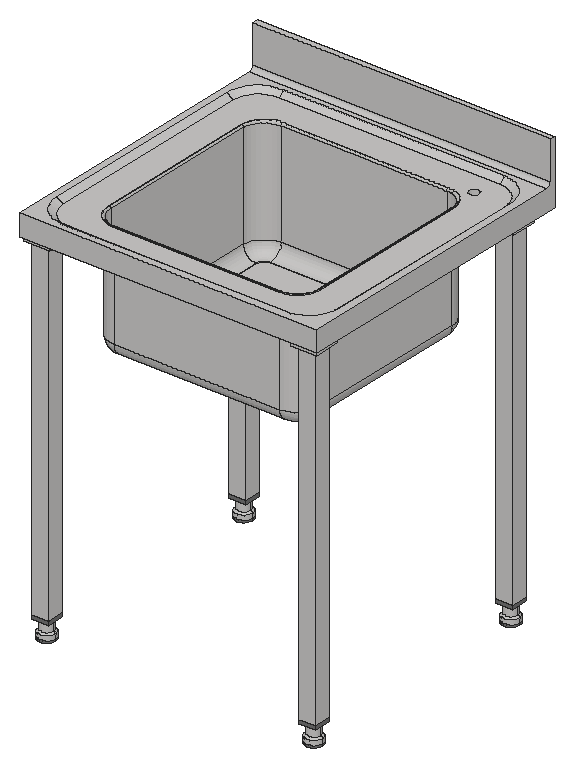
Revit family "QF_ZANUSSI_132803_LG716PN", category Attrezzature speciali, Revit 2020
Family settings
  Quota connettore circolare = Usa diametro
  Tipo di parte = Normale
  Basato su piano di lavoro = No
  Sempre verticale = Sì
  Taglio con vuoti quando caricato = No
  Condiviso = No
  Punto di calcolo locali = No
Parameters (values of type "Standard")
  Weight = 20.00 kg
  Watts = 0 W
  Volts = 0 V
  URL Manufacturer = "http://www.zanussiprofessional.com"
  URL = "http://www.zanussiprofessional.com"
  Steam Supply Size = 0 mm
  Steam Supply Minimum Pressure = 0.0 Pa
  Steam Supply Maximum Pressure = 0.0 Pa
  Steam Consumption per Hour = 0
  Refrigeration Suction Line Size = 0.0 mm
  Refrigeration Liquid Line Size = 0.0 mm
  Refrigerant Compressor Remote = yes
  Prospetto di default = 0.0 mm
  Phase = 0
  Modello = "LG716PN"
  Produttore = "Zanussi"
  Length Actual = 700.0 mm  # constant formula
  Item Number = "132803"
  Hot Water Size = 0 mm
  Height Actual = 1000.0 mm  # constant formula
  HP = "0 HP"
  Gas Size = 0 mm
  Gas KW = 0
  Gas Input Pressure = 0 W
  Direct Waste Size = 50.8 mm
  Descrizione = "SINK UNIT 1 BOWL 700 MM"
  Depth Actual = 700.0 mm  # constant formula
  Cycle = 0 Hz
  Condensate Return Size = 0 mm
  Compressed Air Volume = 0.0 L/s
  Compressed Air Size = 0 mm
  Compressed Air Pressure = 0.0 Pa
  Cold Water Size = 0 mm
  Accessory = yes
Reference planes
  plane 1 "Center (Front/Back)": y = 0
  plane 2: z = 0
  plane 3 "Center (Left/Right)": x = 150
  plane 4 "LEFT": x = -200
  plane 5 "RIGHT": x = 500
  plane 6 "BACK": y = 350
  plane 7 "FRONT": y = -350
  plane 8 "Base": z = 850
  plane 9 "TOP": z = 900
  plane 10 "Sink_Base": z = 608
  plane 11 "ScaricoX": x = 320
  plane 12 "ScaricoY": y = 151
  plane 13: z = 441
  plane 14: x = 395
  plane 15: y = 245
Forms (mm)
  Extrusion 1, solid, material "QF_Finishes_Stainless Steel"
    sketch origin (150, 0, 0) x (0, 1, 0) y (0, 0, 1)
      loop
        line (-350, 850) -> (350, 850) -> (350, 1000) -> (337, 1000) -> (337, 910)
        arc (337, 910) -> (334.071, 902.929) -> (327, 900) r 10
        line (327, 900) -> (-350, 900) -> (-350, 850)
    from 350 to -350
  Extrusion 2, void
    sketch origin (0, 0, 900) x (0, 1, 0) y (-1, 0, 0)
      loop
        arc (-214, 100) -> (-252.891, 83.891) -> (-269, 45) r 55
        line (-269, 45) -> (-269, -345)
        arc (-269, -345) -> (-252.874, -383.908) -> (-213.951, -400) r 55
        line (-213.951, -400) -> (176.049, -400)
        arc (176.049, -400) -> (214.908, -383.874) -> (231, -345) r 55
        line (231, -345) -> (231, 45)
        arc (231, 45) -> (214.891, 83.891) -> (176, 100) r 55
        line (176, 100) -> (-214, 100)
    from 0 to -50
  Sweep 3, solid, material "QF_Finishes_Stainless Steel"
    path origin (0, 0, 900) x (0, 1, 0) y (-1, 0, 0)
      loop
        line (176, 100) -> (-214, 100)
        arc (-214, 100) -> (-252.891, 83.891) -> (-269, 45) r 55
        line (-269, 45) -> (-269, -345)
        arc (-269, -345) -> (-252.874, -383.908) -> (-213.951, -400) r 55
        line (-213.951, -400) -> (176.049, -400)
        arc (176.049, -400) -> (214.908, -383.874) -> (231, -345) r 55
        line (231, -345) -> (231, 45)
        arc (231, 45) -> (214.891, 83.891) -> (176, 100) r 55
    profile origin (-100, -19, 900) x (1, 0, 0) y (0, 0, 1)
      loop
        arc (5, -15) -> (3.536, -11.464) -> (0, -10) r 5
        line (0, -10) -> (0, -11.5)
        arc (0, -11.5) -> (2.475, -12.525) -> (3.5, -15) r 3.5
        line (3.5, -15) -> (3.5, -260.5)
        arc (3.5, -260.5) -> (12.726, -282.774) -> (35, -292) r 31.5
        line (35, -292) -> (35, -290.5)
        arc (35, -290.5) -> (13.787, -281.713) -> (5, -260.5) r 30
        line (5, -260.5) -> (5, -15)
  Extrusion 4, solid, material "QF_Finishes_Stainless Steel"
    sketch origin (0, 0, 608) x (0, -1, 0) y (1, 0, 0)
      loop
        arc (-196, -45) -> (-190.142, -59.142) -> (-176, -65) r 20
        line (-176, -65) -> (214, -65)
        arc (214, -65) -> (228.142, -59.142) -> (234, -45) r 20
        line (234, -45) -> (234, 345)
        arc (234, 345) -> (228.132, 359.153) -> (213.97, 365) r 20
        line (213.97, 365) -> (-176.03, 365)
        arc (-176.03, 365) -> (-190.153, 359.132) -> (-196, 345) r 20
        line (-196, 345) -> (-196, -45)
    from 0 to 1.5
  Extrusion 5, void
    sketch origin (0, 0, 608) x (0, -1, 0) y (1, 0, 0)
      loop
        circle (-151, 320) r 28
    from 32.343 to -63.145
  Revolve 6, solid, material "QF_Finishes_White"
    sketch origin (320, 0, 0) x (0, -1, 0) y (0, 0, 1)
      loop
        line (-167.5, 592.617) -> (-167.5, 578.5) -> (-166, 578.5) -> (-166, 593.449) -> (-177.558, 600.671) -> (-177.558, 608) -> (-179.058, 608) -> (-179.058, 599.84) -> (-167.5, 592.617)
      axis (-151, 608) -> (-151, 578.5)
    angle from 0 to 360
  Extrusion 7, void
    sketch origin (0, 0, 608) x (0, -1, 0) y (1, 0, 0)
      loop
        circle (-245, 395) r 11.5
    from 242 to 292
  Blend 8, void
    base sketch origin (0, 0, 608) x (0, -1, 0) y (1, 0, 0)
      loop
        arc (-314.887, -109.887) -> (-292.92, -162.92) -> (-239.887, -184.887) r 75
        line (-239.887, -184.887) -> (259.887, -184.887)
        arc (259.887, -184.887) -> (312.92, -162.92) -> (334.887, -109.887) r 75
        line (334.887, -109.887) -> (334.887, 409.887)
        arc (334.887, 409.887) -> (312.92, 462.92) -> (259.887, 484.887) r 75
        line (259.887, 484.887) -> (-239.887, 484.887)
        arc (-239.887, 484.887) -> (-292.92, 462.92) -> (-314.887, 409.887) r 75
        line (-314.887, 409.887) -> (-314.887, -109.887)
    top sketch origin (0, 0, 900) x (0, 1, 0) y (-1, 0, 0)
      loop
        arc (299.887, 109.887) -> (282.313, 152.313) -> (239.887, 169.887) r 60
        line (239.887, 169.887) -> (-259.887, 169.887)
        arc (-259.887, 169.887) -> (-302.313, 152.313) -> (-319.887, 109.887) r 60
        line (-319.887, 109.887) -> (-319.887, -409.887)
        arc (-319.887, -409.887) -> (-302.313, -452.313) -> (-259.887, -469.887) r 60
        line (-259.887, -469.887) -> (239.887, -469.887)
        arc (239.887, -469.887) -> (282.313, -452.313) -> (299.887, -409.887) r 60
        line (299.887, -409.887) -> (299.887, 109.887)
    from 292 to -10
Cuts and joins
  Extrusion 2, Extrusion 7, Blend 8 cuts Extrusion 1
  Extrusion 5, Blend 8 cuts Extrusion 4
  Blend 8 cuts Sweep 3
  Blend 8 cuts Revolve 6
Lines and regions (mm)
  symbolic lines
    curve 1: line (500, 350, 900) -> (-200, 350, 900)
    curve 2: line (-200, 350, 900) -> (-200, -350, 900)
    curve 3: line (-200, -350, 900) -> (500, -350, 900)
    curve 4: line (500, -350, 900) -> (500, 350, 900)
    curve 5: line (500, 337, 900) -> (-200, 337, 900)
    curve 6: arc (-109.887, 314.887, 608) -> (-162.92, 292.92, 608) -> (-184.887, 239.887, 608) r 75
    curve 7: line (-109.887, 314.887, 608) -> (409.887, 314.887, 608)
    curve 8: arc (484.887, 239.887, 608) -> (462.92, 292.92, 608) -> (409.887, 314.887, 608) r 75
    curve 9: line (-184.887, -259.887, 608) -> (-184.887, 239.887, 608)
    curve 10: arc (-184.887, -259.887, 608) -> (-162.92, -312.92, 608) -> (-109.887, -334.887, 608) r 75
    curve 11: line (409.887, -334.887, 608) -> (-109.887, -334.887, 608)
    curve 12: arc (409.887, -334.887, 608) -> (462.92, -312.92, 608) -> (484.887, -259.887, 608) r 75
    curve 13: line (484.887, 239.887, 608) -> (484.887, -259.887, 608)
    curve 14: arc (-45, 231, 608) -> (-83.891, 214.891, 608) -> (-100, 176, 608) r 55
    curve 15: line (-45, 231, 608) -> (345, 231, 608)
    curve 16: line (-100, -214, 608) -> (-100, 176, 608)
    curve 17: arc (-100, -214, 608) -> (-83.891, -252.891, 608) -> (-45, -269, 608) r 55
    curve 18: line (345, -269, 608) -> (-45, -269, 608)
    curve 19: arc (345, -269, 608) -> (383.908, -252.874, 608) -> (400, -213.951, 608) r 55
    curve 20: line (400, 176.049, 608) -> (400, -213.951, 608)
    curve 21: arc (400, 176.049, 608) -> (383.874, 214.908, 608) -> (345, 231, 608) r 55
    curve 22: line (365, 176.03, 608) -> (365, -213.97, 608)
    curve 23: arc (365, 176.03, 608) -> (359.132, 190.153, 608) -> (345, 196, 608) r 20
    curve 24: line (-45, 196, 608) -> (345, 196, 608)
    curve 25: arc (-45, 196, 608) -> (-59.142, 190.142, 608) -> (-65, 176, 608) r 20
    curve 26: line (-65, -214, 608) -> (-65, 176, 608)
    curve 27: arc (-65, -214, 608) -> (-59.142, -228.142, 608) -> (-45, -234, 608) r 20
    curve 28: line (345, -234, 608) -> (-45, -234, 608)
    curve 29: arc (345, -234, 608) -> (359.153, -228.132, 608) -> (365, -213.97, 608) r 20
    curve 30: circle (320, 151, 608) r 15 normal (0, 0, 1)
    curve 31: circle (320, 151, 608) r 26.558 normal (0, 0, -1)
    curve 32: circle (395, 245, 608) r 11.5 normal (0, 0, 1)
    curve 33: arc (-109.887, 299.887, 900) -> (-152.313, 282.313, 900) -> (-169.887, 239.887, 900) r 60
    curve 34: line (409.887, 299.887, 900) -> (-109.887, 299.887, 900)
    curve 35: arc (469.887, 239.887, 900) -> (452.313, 282.313, 900) -> (409.887, 299.887, 900) r 60
    curve 36: line (469.887, -259.887, 900) -> (469.887, 239.887, 900)
    curve 37: arc (409.887, -319.887, 900) -> (452.313, -302.313, 900) -> (469.887, -259.887, 900) r 60
    curve 38: line (-109.887, -319.887, 900) -> (409.887, -319.887, 900)
    curve 39: arc (-169.887, -259.887, 900) -> (-152.313, -302.313, 900) -> (-109.887, -319.887, 900) r 60
    curve 40: line (-169.887, 239.887, 900) -> (-169.887, -259.887, 900)
Dimensions and locks
  plane 4 "LEFT" to plane 5 "RIGHT" = 700.0 mm
  equal spacing: plane 4 "LEFT", plane 3 "Center (Left/Right)", plane 5 "RIGHT"
  locked: plane 8 "Base" to level at 850
  locked: Extrusion 1 to level at 1000
  plane 9 "TOP" to level = 900.0 mm
  plane 6 "BACK" to plane 7 "FRONT" = 700.0 mm
  equal spacing: plane 6 "BACK", plane 1 "Center (Front/Back)", plane 7 "FRONT"
  plane 10 "Sink_Base" to level = 608.0 mm
  locked: plane 6 "BACK" to plane 12 "ScaricoY" at 199
  locked: plane 11 "ScaricoX" to plane 5 "RIGHT" at 180
  plane 13 to level = 441.0 mm
  locked: plane 6 "BACK" to plane 15 at 105
  plane 14 to plane 5 "RIGHT" = 105.0 mm
  aligned and locked: level to plane 2
  aligned and locked: Extrusion 1 to plane 4 "LEFT"
  aligned and locked: plane 5 "RIGHT" to Extrusion 1
  aligned and locked: curve 2 to plane 4 "LEFT"
Automatic sketch dimensions
  Extrusion 1 sketch curve to plane 7 "FRONT" = 0.0 mm
  Extrusion 1 sketch curve to plane 9 "TOP" = 0.0 mm
  Extrusion 1 sketch curve to plane 6 "BACK" = 0.0 mm
  Extrusion 1 sketch curve to plane 8 "Base" = 0.0 mm
  plane 9 "TOP" to Extrusion 1 sketch curve = 10.0 mm
  Extrusion 1 sketch curve to plane 6 "BACK" = 13.0 mm
  Extrusion 1 sketch curve to Extrusion 1 sketch curve = 90.0 mm
  curve 3 to plane 7 "FRONT" = 0.0 mm
  curve 5 to plane 5 "RIGHT" = 0.0 mm
  curve 4 to plane 6 "BACK" = 0.0 mm
  curve 5 to plane 6 "BACK" = 13.0 mm
  Extrusion 2 sketch curve to Extrusion 2 sketch curve = 55.0 mm  (x4)
  Extrusion 2 sketch curve to Extrusion 2 sketch curve = 0.0 mm  (x5)
  Sweep 3 sketch curve to Sweep 3 sketch curve = 55.0 mm  (x3)
  Sweep 3 sketch curve to Sweep 3 sketch curve = 0.049 mm  (x2)
  Sweep 3 sketch curve to Sweep 3 sketch curve = 0.0 mm  (x4)
  profile plane to Sweep 3 sketch curve = 0.0 mm
  Sweep 3 sketch curve to profile plane = 3.5 mm
  Sweep 3 sketch curve to Sweep 3 sketch curve = 1.5 mm
  Sweep 3 sketch curve to Sweep 3 sketch curve = 30.0 mm
  Sweep 3 sketch curve to plane 9 "TOP" = 260.5 mm
  Sweep 3 sketch curve to plane 9 "TOP" = 15.0 mm
  Extrusion 4 sketch curve to Extrusion 4 sketch curve = 19.97 mm
  Extrusion 4 sketch curve to Extrusion 4 sketch curve = 20.0 mm  (x4)
  Extrusion 4 sketch curve to Extrusion 4 sketch curve = 0.03 mm  (x2)
  Extrusion 4 sketch curve to Extrusion 4 sketch curve = 0.0 mm  (x2)
  Extrusion 5 sketch curve to plane 11 "ScaricoX" = 0.0 mm
  Extrusion 5 sketch curve to plane 12 "ScaricoY" = 0.0 mm
  Revolve 6 sketch curve to plane 12 "ScaricoY" = 0.0 mm
  plane 12 "ScaricoY" to Revolve 6 sketch curve = 15.0 mm
  Revolve 6 sketch curve to Revolve 6 sketch curve = 1.5 mm  (x2)
  plane 10 "Sink_Base" to Revolve 6 sketch curve = 7.329 mm
  Revolve 6 sketch curve to Revolve 6 sketch curve = 10.058 mm
  plane 10 "Sink_Base" to Revolve 6 sketch curve = 8.16 mm
  Revolve 6 sketch curve to Revolve 6 sketch curve = 7.222 mm
  Revolve 6 sketch curve to Revolve 6 sketch curve = 0.831 mm
  Revolve 6 sketch curve to Revolve 6 sketch curve = 14.117 mm
  Revolve 6 sketch curve to Revolve 6 sketch curve = 24.0 mm
  Revolve 6 sketch curve to plane 10 "Sink_Base" = 0.0 mm
  Revolve 6 sketch curve to plane 10 "Sink_Base" = 26.5 mm
  Extrusion 7 sketch curve to plane 14 = 0.0 mm
  Extrusion 7 sketch curve to plane 15 = 0.0 mm
  curve 14 to curve 25 = 0.0 mm  (x3)
  curve 17 to curve 27 = 0.0 mm  (x3)
  curve 19 to curve 29 = 0.0 mm  (x2)
  curve 21 to curve 23 = 0.0 mm  (x2)
  curve 30 to curve 31 = 0.0 mm  (x2)
  curve 32 to plane 14 = 0.0 mm
  curve 32 to plane 15 = 0.0 mm
  curve 31 to plane 11 "ScaricoX" = 0.0 mm
  curve 31 to plane 12 "ScaricoY" = 0.0 mm
  plane 14 to curve 7 = 14.887 mm
  curve 7 to plane 6 "BACK" = 35.113 mm
  curve 8 to plane 15 = 5.113 mm
  curve 6 to plane 15 = 5.113 mm
  curve 15 to plane 15 = 14.0 mm
  curve 14 to curve 24 = 35.0 mm
  plane 14 to curve 20 = 5.0 mm
  plane 12 "ScaricoY" to curve 20 = 25.049 mm
  plane 12 "ScaricoY" to curve 22 = 25.03 mm
  curve 24 to curve 14 = 20.0 mm
  curve 22 to curve 21 = 0.03 mm
  curve 22 to plane 14 = 30.0 mm
  curve 20 to curve 22 = 0.019 mm
  curve 29 to curve 29 = 0.03 mm
  curve 17 to curve 10 = 45.887 mm
  plane 14 to curve 11 = 14.887 mm
  curve 23 to curve 22 = 20.0 mm
  curve 21 to plane 11 "ScaricoX" = 25.0 mm
  curve 15 to curve 21 = 0.0 mm
  curve 23 to curve 21 = 0.0 mm
  curve 24 to curve 23 = 0.0 mm
  Blend 8 sketch curve to plane 15 = 5.113 mm  (x4)
  plane 4 "LEFT" to Blend 8 sketch curve = 15.113 mm
  plane 14 to Blend 8 sketch curve = 14.887 mm  (x4)
  curve 33 to plane 15 = 5.113 mm
  plane 14 to curve 34 = 14.887 mm
  curve 35 to plane 15 = 5.113 mm
  plane 14 to curve 37 = 14.887 mm
  plane 7 "FRONT" to curve 38 = 30.113 mm
  curve 38 to curve 40 = 60.0 mm
  plane 7 "FRONT" to Extrusion 2 sketch curve = 136.049 mm
  plane 7 "FRONT" to Sweep 3 sketch curve = 136.049 mm
  plane 7 "FRONT" to Extrusion 4 sketch curve = 136.03 mm
  plane 7 "FRONT" to curve 20 = 136.049 mm
  curve 16 to curve 27 = 20.0 mm
  plane 7 "FRONT" to curve 13 = 90.113 mm
  plane 7 "FRONT" to Blend 8 sketch curve = 90.113 mm  (x3)
  curve 38 to curve 37 = 60.0 mm
  plane 12 "ScaricoY" to Extrusion 2 sketch curve = 25.0 mm  (x2)
  plane 12 "ScaricoY" to Sweep 3 sketch curve = 25.0 mm  (x2)
  Sweep 3 sketch curve to plane 15 = 14.0 mm
  plane 12 "ScaricoY" to Extrusion 4 sketch curve = 25.0 mm
  plane 4 "LEFT" to curve 34 = 90.113 mm
  plane 4 "LEFT" to Extrusion 2 sketch curve = 155.0 mm  (x2)
  plane 4 "LEFT" to Sweep 3 sketch curve = 155.0 mm
  plane 4 "LEFT" to Extrusion 4 sketch curve = 155.0 mm
  plane 4 "LEFT" to curve 27 = 155.0 mm
  curve 6 to curve 14 = 9.887 mm
  Blend 8 sketch curve to plane 6 "BACK" = 35.113 mm
  Blend 8 sketch curve to Blend 8 sketch curve = 75.0 mm
  plane 4 "LEFT" to Blend 8 sketch curve = 90.113 mm
  plane 7 "FRONT" to Extrusion 2 sketch curve = 136.0 mm
  Extrusion 2 sketch curve to plane 11 "ScaricoX" = 25.0 mm
  Sweep 3 sketch curve to plane 11 "ScaricoX" = 25.0 mm
  Extrusion 4 sketch curve to plane 11 "ScaricoX" = 25.0 mm
  plane 7 "FRONT" to Blend 8 sketch curve = 30.113 mm
  radius of Extrusion 5 sketch curve = 28.0 mm
  radius of Extrusion 7 sketch curve = 11.5 mm
  radius of curve 30 = 15.0 mm
  radius of curve 31 = 26.558 mm
  radius of curve 32 = 11.5 mm
Nested families
  nested 1: "TAV_W700" at (0, 0, 0), type "TAV_W700"
Connectors
  piping at (320, 151, 578.5), diameter 50.8, driven by "Direct Waste Size"
    settings: on Revolve 6, index 1, connector inside diameter 609.6 mm, connector length 0.0 mm, flow factor 0, pipe flow 0.0 L/s, pressure drop 0.0 Pa, fitting loss kfactor 0, connector angle 0.00°, fixture units 0, engagement length 0.0 mm, angle of deflection 0.00°, flow configuration 1, flow direction 2, fitting loss method 0, system type 16, joint type 0, gender type 0, connector reference index -1, connector utility 0, adjustable connector no, is connector primary yes, connector description "Drain"
Definition of nested family "TAV_W700"
  Parameters
    Default Elevation = 0.0 mm
    Model = "TAV_W700"
    Manufacturer = "Electrolux Professional"
    Description = ""
  Reference planes
    plane 1 "Center (Front/Back)": y = 0
    plane 2: z = 0
    plane 3 "Center (Left/Right)": x = 150
    plane 4 "LEFT": x = -200
    plane 5 "RIGHT": x = 500
    plane 6 "BACK": y = 350
    plane 7 "FRONT": y = -350
    plane 8 "Base": z = 850
    plane 9 "TOP": z = 900
    plane 10: x = -164.5
    plane 11: x = 464.5
    plane 12: y = 265.5
    plane 13: y = -314.5
    plane 14: x = -144.5
    plane 15: x = 444.5
    plane 16 "RIPIANO": z = 200
  Forms (mm)
    Extrusion 1, solid
      sketch origin (-4.534, 0, 850) x (0, 1, 0) y (-1, 0, 0)
        loop
          line (235.5, 179.966) -> (-284.5, 179.966) -> (-284.5, 139.966) -> (235.5, 139.966) -> (235.5, 179.966)
        loop
          line (-334.506, 129.966) -> (-334.506, -439.034) -> (-294.506, -439.034) -> (-294.506, 129.966) -> (-334.506, 129.966)
        loop
          line (-284.5, -489.034) -> (235.5, -489.034) -> (235.5, -449.034) -> (-284.5, -449.034) -> (-284.5, -489.034)
        loop
          line (285.5, 129.966) -> (245.5, 129.966) -> (245.5, -439.034) -> (285.5, -439.034) -> (285.5, 129.966)
      from 0 to -10
  Lines and regions (mm)
    symbolic lines, detail levels coarse
      curve 1: line (-200, 350, 200) -> (500, 350, 200)
      curve 2: line (-200, -350, 200) -> (-200, 350, 200)
      curve 3: line (500, -350, 200) -> (-200, -350, 200)
      curve 4: line (500, 350, 200) -> (500, -350, 200)
  Dimensions and locks
    plane 4 "LEFT" to plane 5 "RIGHT" = 700.0 mm
    equal spacing: plane 4 "LEFT", plane 3 "Center (Left/Right)", plane 5 "RIGHT"
    locked: plane 8 "Base" to level at 850
    plane 4 "LEFT" to plane 10 = 35.5 mm
    plane 11 to plane 5 "RIGHT" = 35.5 mm
    plane 10 to plane 11 = 629.0 mm
    plane 9 "TOP" to level = 900.0 mm
    plane 6 "BACK" to plane 12 = 84.5 mm
    plane 13 to plane 7 "FRONT" = 35.5 mm
    plane 6 "BACK" to plane 7 "FRONT" = 700.0 mm
    plane 12 to plane 13 = 580.0 mm
    equal spacing: plane 6 "BACK", plane 1 "Center (Front/Back)", plane 7 "FRONT"
    locked: plane 14 to plane 4 "LEFT" at 55.5
    locked: plane 5 "RIGHT" to plane 15 at 55.5
    plane 16 "RIPIANO" to level = 200.0 mm
    plane 2 to plane 16 "RIPIANO" to plane 8 "Base" = 200.0 mm, 650.0 mm
    aligned and locked: level to plane 2
    aligned and locked: plane 10 to nested 1
    aligned and locked: nested 1 to plane 13
    aligned and locked: plane 11 to nested 2
    aligned and locked: nested 2 to plane 13
    aligned and locked: plane 11 to nested 4
    aligned and locked: nested 4 to plane 12
    aligned and locked: plane 10 to nested 3
    aligned and locked: nested 3 to plane 12
  Automatic sketch dimensions
    plane 15 to Extrusion 1 sketch curve = 10.0 mm  (x2)
    plane 7 "FRONT" to Extrusion 1 sketch curve = 15.494 mm
    plane 13 to Extrusion 1 sketch curve = 19.994 mm
    Extrusion 1 sketch curve to plane 5 "RIGHT" = 15.5 mm
    plane 13 to Extrusion 1 sketch curve = 30.0 mm  (x2)
    Extrusion 1 sketch curve to plane 14 = 0.0 mm
    Extrusion 1 sketch curve to plane 12 = 30.0 mm  (x2)
    Extrusion 1 sketch curve to plane 12 = 20.0 mm
    plane 12 to Extrusion 1 sketch curve = 20.0 mm
    Extrusion 1 sketch curve to plane 15 = 0.0 mm
    Extrusion 1 sketch curve to plane 14 = 10.0 mm  (x2)
    Extrusion 1 sketch curve to plane 10 = 20.0 mm
    curve 3 to plane 4 "LEFT" = 0.0 mm
    curve 3 to plane 7 "FRONT" = 0.0 mm
    curve 2 to plane 6 "BACK" = 0.0 mm
    curve 1 to plane 5 "RIGHT" = 0.0 mm
  Nested families
    nested 1: "FEET_40x40_TAV" at (-164.5, -314.5, 0), type "FEET_40x40_TAV"
    nested 2: "FEET_40x40_TAV" at (464.5, -314.5, 0), type "FEET_40x40_TAV"
    nested 3: "FEET_40x40_TAV" at (-164.5, 265.5, 0), type "FEET_40x40_TAV"
    nested 4: "FEET_40x40_TAV" at (464.5, 265.5, 0), type "FEET_40x40_TAV"
  Definition of nested family "FEET_40x40_TAV"
    Parameters
      Default Elevation = 0.0 mm
      FEET = 850.0 mm
    Reference planes
      plane 1 "Center (Front/Back)": y = 0
      plane 2: z = 0
      plane 3 "Center (Left/Right)": x = 0
      plane 4: z = 850
    Forms (mm)
      Extrusion 1, solid
        sketch origin (0, 0, 0) x (1, 0, 0) y (0, 1, 0)
          loop
            line (-20, -20) -> (20, -20) -> (20, 20) -> (-20, 20) -> (-20, -20)
        from 50 to 840
      Extrusion 2, solid
        sketch origin (0, 0, 0) x (1, 0, 0) y (0, 1, 0)
          loop
            circle (0, 0) r 20
        from 0 to 5
      Extrusion 3, solid
        sketch origin (0, 0, 0) x (1, 0, 0) y (0, 1, 0)
          loop
            line (30, 30) -> (-30, 30) -> (-30, -30) -> (30, -30) -> (30, 30)
        from 840 to 850
      Extrusion 4, solid
        sketch origin (0, 0, 0) x (1, 0, 0) y (0, 1, 0)
          loop
            line (-20, -20) -> (20, -20) -> (20, 20) -> (-20, 20) -> (-20, -20)
        from 50 to 42
      Revolve 5, solid
        sketch origin (0, 0, 0) x (1, 0, 0) y (0, 0, 1)
          loop
            line (0, 42) -> (-15, 42) -> (-15, 20) -> (-20, 15) -> (-20, 5) -> (0, 5) -> (0, 42)
          axis (0, 42) -> (0, 5)
        angle from 0 to 360
    Lines and regions (mm)
      symbolic lines
        curve 1: line (0, -1.503, 0) -> (0, 1.508, 0)
        curve 2: line (1.561, 0, 0) -> (-1.439, 0, 0)
    Dimensions and locks
      "FEET": plane 4 to plane 2
      aligned and locked: level to plane 2
    Automatic sketch dimensions
      plane 1 "Center (Front/Back)" to curve 2 = 0.0 mm
      curve 1 to plane 3 "Center (Left/Right)" = 0.0 mm
      curve 2 to plane 3 "Center (Left/Right)" = 1.439 mm
      plane 3 "Center (Left/Right)" to curve 2 = 1.561 mm
      plane 1 "Center (Front/Back)" to curve 1 = 1.503 mm
      curve 1 to plane 1 "Center (Front/Back)" = 1.508 mm
      Extrusion 1 sketch curve to plane 3 "Center (Left/Right)" = 20.0 mm
      plane 3 "Center (Left/Right)" to Extrusion 1 sketch curve = 20.0 mm
      plane 1 "Center (Front/Back)" to Extrusion 1 sketch curve = 20.0 mm
      Extrusion 1 sketch curve to plane 1 "Center (Front/Back)" = 20.0 mm
      plane 1 "Center (Front/Back)" to Extrusion 2 sketch curve = 0.0 mm
      Extrusion 2 sketch curve to plane 3 "Center (Left/Right)" = 0.0 mm
      Extrusion 3 sketch curve to plane 3 "Center (Left/Right)" = 30.0 mm
      plane 3 "Center (Left/Right)" to Extrusion 3 sketch curve = 30.0 mm
      plane 1 "Center (Front/Back)" to Extrusion 3 sketch curve = 30.0 mm
      Extrusion 3 sketch curve to plane 1 "Center (Front/Back)" = 30.0 mm
      Extrusion 4 sketch curve to plane 3 "Center (Left/Right)" = 20.0 mm
      plane 3 "Center (Left/Right)" to Extrusion 4 sketch curve = 20.0 mm
      plane 1 "Center (Front/Back)" to Extrusion 4 sketch curve = 20.0 mm
      Extrusion 4 sketch curve to plane 1 "Center (Front/Back)" = 20.0 mm
      Revolve 5 sketch curve to plane 3 "Center (Left/Right)" = 0.0 mm  (x2)
      Revolve 5 sketch curve to plane 3 "Center (Left/Right)" = 15.0 mm
      Revolve 5 sketch curve to Revolve 5 sketch curve = 5.0 mm  (x3)
      level to Revolve 5 sketch curve = 5.0 mm
      Revolve 5 sketch curve to Revolve 5 sketch curve = 10.0 mm
      Revolve 5 sketch curve to Revolve 5 sketch curve = 22.0 mm
      Revolve 5 sketch curve to level = 9.561 mm
      radius of Extrusion 2 sketch curve = 20.0 mm
